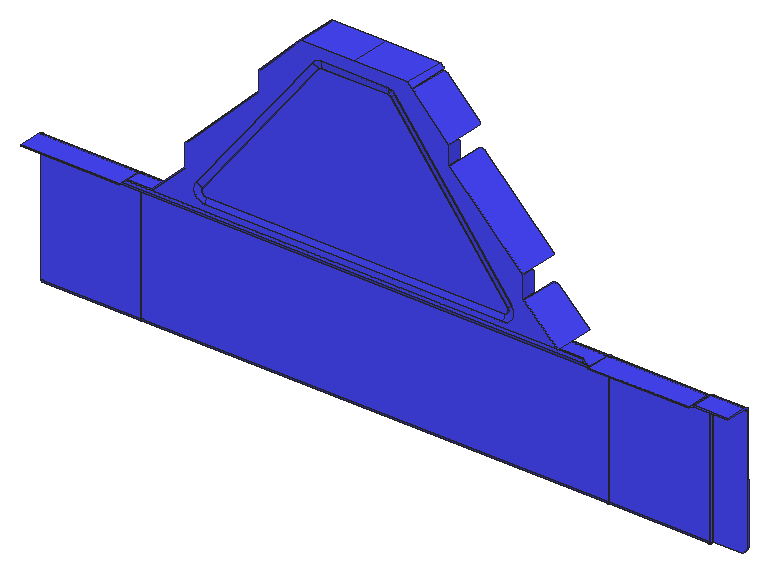
Revit family "軒先見切り付面戸(DL-42)", category 一般モデル, Revit 2021
Family settings
  鉄筋をホスト可能 = いいえ
  丸型コネクタ寸法 = 直径を使用
  パーツ タイプ = 標準
  作業面ベース = いいえ
  常に垂直 = はい
  ロード時にボイドで切り取り = いいえ
  共有 = いいえ
  部屋計算ポイント = いいえ
Parameters
  既定の高さ = 0 mm
Reference planes
  plane 1 "中心(正面/背面)": y = 0
  plane 2: z = 0
  plane 3 "中心(左/右)": x = 0
Forms (mm)
  Sweep 1, solid, material "ポシェ"
    path origin (0, 0, 0) x (1, 0, 0) y (0, 0, 1)
      loop
        line (174.482, 0) -> (-174.478, 0)
    profile origin (0.002, 0, 0) x (0, 0, -1) y (0, -1, 0)
      loop
        arc (0, 12.9) -> (-0.615, 14.385) -> (-2.1, 15) r 2.1
        line (-2.1, 15) -> (-4.788, 15) -> (-4.788, 14.194) -> (-2.1, 14.194)
        arc (-2.1, 14.194) -> (-1.19, 13.817) -> (-0.813, 12.907) r 1.287
        line (-0.813, 12.907) -> (-0.813, -3.005)
        arc (-0.813, -3.005) -> (-0.139, -4.633) -> (1.488, -5.307) r 2.301
        line (1.488, -5.307) -> (97.677, -5.307)
        arc (97.677, -5.307) -> (98.595, -5.687) -> (98.975, -6.605) r 1.299
        line (98.975, -6.605) -> (98.975, -7.8) -> (99.8, -7.8) -> (99.8, -6.605)
        arc (99.8, -6.605) -> (99.185, -5.12) -> (97.7, -4.505) r 2.1
        line (97.7, -4.505) -> (1.5, -4.505)
        arc (1.5, -4.505) -> (0.439, -4.066) -> (0, -3.005) r 1.5
        line (0, -3.005) -> (0, 12.9)
  Extrusion 2, void
    sketch origin (0, 0, 0) x (1, 0, 0) y (0, 0, 1)
      loop
        line (249.415, 4.788) -> (169.513, 4.788) -> (173.602, 0.813) -> (249.415, 0.813) -> (249.415, 4.788)
      loop
        line (-249.415, 4.788) -> (-249.415, 0.813) -> (-173.638, 0.813) -> (-169.513, 4.788) -> (-249.415, 4.788)
    from 12.9 to 36.008
  Extrusion 3, solid, material "ポシェ"
    sketch origin (0, 0, 0) x (1, 0, 0) y (0, 0, 1)
      loop
        line (151.536, 4.788) -> (125.81, 29.201) -> (125.81, 45.523) -> (70.864, 99.519) -> (70.864, 113.077) -> (40.462, 144.06) -> (0, 144.06) -> (-40.462, 144.06) -> (-70.864, 113.077) -> (-70.864, 99.519) -> (-125.81, 45.523) -> (-125.81, 29.201) -> (-151.536, 4.788) -> (151.536, 4.788)
    from -15 to 15
  Extrusion 4, void
    sketch origin (0, 0, 0) x (1, 0, 0) y (0, 0, 1)
      loop
        line (150.664, 4.788) -> (125.21, 28.943) -> (125.21, 45.271) -> (70.264, 99.267) -> (70.264, 112.832) -> (40.21, 143.46) -> (0, 143.46) -> (-40.21, 143.46) -> (-70.264, 112.832) -> (-70.264, 99.267) -> (-125.21, 45.271) -> (-125.21, 28.943) -> (-150.664, 4.788) -> (150.664, 4.788)
    from -26.077 to 14.2
  Extrusion 5, void
    sketch origin (0, 0, 0) x (0, 1, 0) y (0, 0, 1)
      loop
        line (-14.2, 28.412) -> (13, 28.412)
        arc (13, 28.412) -> (14.414, 27.826) -> (15, 26.412) r 2
        line (15, 26.412) -> (15, 29.201) -> (-14.2, 29.201) -> (-14.2, 28.412)
    from -136.985 to 132.729
  Extrusion 6, void
    sketch origin (0, 0, 0) x (0, 1, 0) y (0, 0, 1)
      loop
        arc (-5, 30.201) -> (-5.293, 29.494) -> (-6, 29.201) r 1
        line (-6, 29.201) -> (15, 29.201) -> (15, 45.051) -> (15, 46.862)
        arc (15, 46.862) -> (14.707, 46.154) -> (14, 45.862) r 1
        line (14, 45.862) -> (-14.2, 45.862) -> (-14.2, 45.051) -> (-7, 45.051)
        arc (-7, 45.051) -> (-5.586, 44.465) -> (-5, 43.051) r 2
        line (-5, 43.051) -> (-5, 30.201)
    from -136.985 to 132.729
  Extrusion 7, void
    sketch origin (0, 0, 0) x (0, 1, 0) y (0, 0, 1)
      loop
        line (15, 99.519) -> (-14.2, 99.519) -> (-14.2, 98.723) -> (12.887, 98.723)
        arc (12.887, 98.723) -> (14.374, 98.179) -> (15, 96.726) r 2
        line (15, 96.726) -> (15, 99.519)
    from -78.096 to 75.621
  Extrusion 8, void
    sketch origin (0, 0, 0) x (0, 1, 0) y (0, 0, 1)
      loop
        line (-5, 110.605) -> (-5, 100.519)
        arc (-5, 100.519) -> (-5.293, 99.812) -> (-6, 99.519) r 1
        line (-6, 99.519) -> (15, 99.519) -> (15, 114.401)
        arc (15, 114.401) -> (14.707, 113.694) -> (14, 113.401) r 1
        line (14, 113.401) -> (-14.2, 113.401) -> (-14.2, 112.605) -> (-7, 112.605)
        arc (-7, 112.605) -> (-5.586, 112.019) -> (-5, 110.605) r 2
    from -78.096 to 73.377
  Extrusion 9, void
    sketch origin (0, 0, 0) x (0, 1, 0) y (0, 0, 1)
      loop
        line (15, 138.313) -> (15, 142.156)
        arc (15, 142.156) -> (14.707, 141.449) -> (14, 141.156) r 1
        line (14, 141.156) -> (-14.2, 141.156) -> (-14.2, 140.313) -> (13, 140.313)
        arc (13, 140.313) -> (14.414, 139.727) -> (15, 138.313) r 2
    from -70.864 to 51.123
  Sweep 10, solid, material "ポシェ"
    path origin (0, 0, 0) x (1, 0, 0) y (0, 1, 0)
      loop
        line (249.415, 0) -> (174.482, 0)
    profile origin (211.949, 0, 0) x (0, -1, 0) y (0, 0, 1)
      loop
        line (15, 0.813) -> (-3.005, 0.813)
        arc (-3.005, 0.813) -> (-4.633, 0.139) -> (-5.307, -1.488) r 2.301
        line (-5.307, -1.488) -> (-5.307, -97.677)
        arc (-5.307, -97.677) -> (-5.687, -98.595) -> (-6.605, -98.975) r 1.299
        line (-6.605, -98.975) -> (-7.8, -98.975) -> (-7.8, -99.8) -> (-6.605, -99.8)
        arc (-6.605, -99.8) -> (-5.12, -99.185) -> (-4.505, -97.7) r 2.1
        line (-4.505, -97.7) -> (-4.505, -1.5)
        arc (-4.505, -1.5) -> (-4.066, -0.439) -> (-3.005, 0) r 1.5
        line (-3.005, 0) -> (15, 0) -> (15, 0.813)
  Sweep 11, solid, material "ポシェ"
    path origin (0, 0, 0) x (1, 0, 0) y (0, 1, 0)
      loop
        line (251.415, -15) -> (276.915, -15)
    profile origin (264.165, -15, 0) x (0, 1, 0) y (0, 0, 1)
      loop
        arc (18.005, 0.813) -> (19.633, 0.139) -> (20.307, -1.488) r 2.301
        line (20.307, -1.488) -> (20.307, -97.277) -> (21.1, -97.277) -> (21.1, -1.49)
        arc (21.1, -1.49) -> (20.194, 0.699) -> (18.005, 1.605) r 3.095
        line (18.005, 1.605) -> (2.093, 1.605) -> (2.093, 0.813) -> (18.005, 0.813)
  SweptBlend 12, solid, material "ポシェ"
    path origin (0, 0, 0) x (1, 0, 0) y (0, 1, 0)
      loop
        line (249.415, -15) -> (251.415, -15)
    profile origin (249.415, -15, 0) x (0, 1, 0) y (0, 0, 1)
      loop
        line (0, 0) -> (18.005, 0)
        arc (18.005, 0) -> (19.066, -0.439) -> (19.505, -1.5) r 1.5
        line (19.505, -1.5) -> (19.505, -97.7) -> (20.307, -97.7) -> (20.307, -1.488)
        arc (20.307, -1.488) -> (19.633, 0.139) -> (18.005, 0.813) r 2.301
        line (18.005, 0.813) -> (0, 0.813) -> (0, 0)
    end profile origin (251.415, -15, 0) x (0, 1, 0) y (0, 0, 1)
      loop
        line (2.093, 1.605) -> (2.093, 0.813) -> (18.005, 0.813)
        arc (18.005, 0.813) -> (19.633, 0.139) -> (20.307, -1.488) r 2.301
        line (20.307, -1.488) -> (20.307, -97.277) -> (21.1, -97.277) -> (21.1, -1.49)
        arc (21.1, -1.49) -> (20.194, 0.699) -> (18.005, 1.605) r 3.095
        line (18.005, 1.605) -> (2.093, 1.605)
  Sweep 13, solid, material "ポシェ"
    path origin (-423.893, 0, 0) x (1, 0, 0) y (0, 1, 0)
      loop
        line (249.415, 0) -> (175.282, 0)
    profile origin (-211.545, 0, 0) x (0, -1, 0) y (0, 0, 1)
      loop
        line (15, 0.813) -> (-3.005, 0.813)
        arc (-3.005, 0.813) -> (-4.633, 0.139) -> (-5.307, -1.488) r 2.301
        line (-5.307, -1.488) -> (-5.308, -97.677)
        arc (-5.308, -97.677) -> (-5.688, -98.595) -> (-6.607, -98.975) r 1.299
        line (-6.607, -98.975) -> (-7.8, -98.975) -> (-7.8, -99.8) -> (-6.607, -99.8)
        arc (-6.607, -99.8) -> (-5.122, -99.185) -> (-4.505, -97.7) r 2.1
        line (-4.505, -97.7) -> (-4.505, -1.5)
        arc (-4.505, -1.5) -> (-4.066, -0.439) -> (-3.005, 0) r 1.5
        line (-3.005, 0) -> (15, 0) -> (15, 0.813)
  Extrusion 14, void
    sketch origin (0, 0, 0) x (1, 0, 0) y (0, 0, 1)
      loop
        line (272.417, -97.277) -> (276.915, -97.277) -> (276.915, -92.739)
        arc (276.915, -92.739) -> (275.486, -95.82) -> (272.417, -97.277) r 5
    from -7 to -4.2
  Extrusion 15, void
    sketch origin (-0.001, 0, 0) x (1, 0, 0) y (0, 0, 1)
      loop
        arc (-25.057, 135.06) -> (-28.115, 134.357) -> (-30.559, 132.388) r 7
        line (-30.559, 132.388) -> (-118.716, 20.328)
        arc (-118.716, 20.328) -> (-119.511, 12.942) -> (-113.214, 9) r 7
        line (-113.214, 9) -> (113.31, 9)
        arc (113.31, 9) -> (119.607, 12.944) -> (118.809, 20.331) r 7
        line (118.809, 20.331) -> (30.559, 132.391)
        arc (30.559, 132.391) -> (28.116, 134.358) -> (25.059, 135.06) r 7
        line (25.059, 135.06) -> (-25.057, 135.06)
    from 14.2 to 15
  Sweep 16, solid, material "ポシェ"
    path origin (0, 0, 0) x (1, 0, 0) y (0, 0, 1)
      loop
        line (-111.155, 14) -> (111.249, 14)
    profile origin (0.047, 0, 14) x (0, 0, 1) y (0, -1, 0)
      loop
        line (0, 13.2) -> (0, 14) -> (-5, 15) -> (-5, 14.2) -> (0, 13.2)
  Sweep 17, solid, material "ポシェ"
    path origin (0, 0, 0) x (1, 0, 0) y (0, 0, 1)
      loop
        line (-27.548, 128.129) -> (-113.513, 18.855)
    profile origin (-70.53, 0, 73.492) x (0.785944, 0, -0.618298) y (0, -1, 0)
      loop
        line (-5, 15) -> (-5, 14.2) -> (0, 13.2) -> (0, 14) -> (-5, 15)
  Extrusion 18, solid, material "ポシェ"
    sketch origin (0, 1, 0) x (1, 0, 0) y (0, 0, 1)
      loop
        arc (-24.571, 130.06) -> (-25.882, 129.759) -> (-26.929, 128.915) r 3
        line (-26.929, 128.915) -> (-113.513, 18.855)
        arc (-113.513, 18.855) -> (-113.854, 15.689) -> (-111.155, 14) r 3
        line (-111.155, 14) -> (111.249, 14)
        arc (111.249, 14) -> (113.948, 15.69) -> (113.606, 18.856) r 3
        line (113.606, 18.856) -> (26.931, 128.916)
        arc (26.931, 128.916) -> (25.884, 129.759) -> (24.574, 130.06) r 3
        line (24.574, 130.06) -> (-24.571, 130.06)
    from 14.2 to 15
  Extrusion 19, solid, material "ポシェ"
    sketch origin (0, 0, 0) x (1, 0, 0) y (0, 0, 1)
      loop
        line (-113.513, 18.855) -> (-117.443, 21.947) -> (-118.717, 20.328)
        arc (-118.717, 20.328) -> (-119.512, 12.942) -> (-113.215, 9) r 7
        line (-113.215, 9) -> (-111.155, 9) -> (-111.155, 14)
        arc (-111.155, 14) -> (-113.854, 15.689) -> (-113.513, 18.855) r 3
    from 10 to 18
  Sweep 20, void
    path origin (0, 0, 0) x (1, 0, 0) y (0, 0, 1)
      loop
        arc (-111.155, 14) -> (-113.854, 15.689) -> (-113.513, 18.855) r 3
    profile origin (-113.854, 0, 15.689) x (-0.899527, 0, -0.436865) y (0, -1, 0)
      loop
        line (0, 14) -> (5, 15) -> (9.212, 15) -> (9.212, 20.708) -> (0, 20.708) -> (0, 14)
  Sweep 21, solid, material "ポシェ"
    path origin (0, 0, 0) x (1, 0, 0) y (0, 0, 1)
      loop
        line (113.606, 18.856) -> (27.549, 128.131)
    profile origin (70.578, 0, 73.493) x (-0.785626, 0, -0.618702) y (0, -1, 0)
      loop
        line (-5, 15) -> (-5, 14.2) -> (0, 13.2) -> (0, 14) -> (-5, 15)
  Extrusion 22, solid, material "ポシェ"
    sketch origin (0, 0, 0) x (1, 0, 0) y (0, 0, 1)
      loop
        line (111.249, 14) -> (111.249, 9) -> (113.309, 9)
        arc (113.309, 9) -> (119.606, 12.944) -> (118.808, 20.331) r 7
        line (118.808, 20.331) -> (117.534, 21.949) -> (113.606, 18.856)
        arc (113.606, 18.856) -> (113.948, 15.69) -> (111.249, 14) r 3
    from 10 to 18
  Sweep 23, void
    path origin (0, 0, 0) x (1, 0, 0) y (0, 0, 1)
      loop
        arc (113.606, 18.856) -> (113.948, 15.69) -> (111.249, 14) r 3
    profile origin (113.948, 0, 15.69) x (0.899639, 0, -0.436634) y (0, -1, 0)
      loop
        line (0, 14) -> (5, 15) -> (8.578, 15) -> (8.578, 20) -> (0, 20) -> (0, 14)
  Sweep 24, void
    path origin (0, 0, 0) x (1, 0, 0) y (0, 0, 1)
      loop
        arc (113.606, 18.856) -> (113.948, 15.69) -> (111.249, 14) r 3
    profile origin (113.948, 0, 15.69) x (0.899639, 0, -0.436634) y (0, -1, 0)
      loop
        line (5, 14.2) -> (0, 13.2) -> (0, 7.296) -> (9.212, 7.296) -> (9.212, 14.2) -> (5, 14.2)
  Sweep 25, void
    path origin (0, 0, 0) x (1, 0, 0) y (0, 0, 1)
      loop
        arc (-111.155, 14) -> (-113.854, 15.689) -> (-113.513, 18.855) r 3
    profile origin (-113.854, 0, 15.689) x (-0.899527, 0, -0.436865) y (0, -1, 0)
      loop
        line (5, 14.2) -> (0, 13.2) -> (0, 2.212) -> (10, 2.212) -> (10, 14.2) -> (5, 14.2)
  Extrusion 26, solid, material "ポシェ"
    sketch origin (0, 0, 0) x (1, 0, 0) y (0, 0, 1)
      loop
        arc (30.558, 132.391) -> (28.115, 134.358) -> (25.058, 135.06) r 7
        line (25.058, 135.06) -> (23.574, 135.06) -> (23.574, 130.06) -> (24.574, 130.06)
        arc (24.574, 130.06) -> (25.884, 129.759) -> (26.931, 128.916) r 3
        line (26.931, 128.916) -> (27.549, 128.131) -> (31.477, 131.224) -> (30.558, 132.391)
    from 10 to 18
  Sweep 27, void
    path origin (0, 0, 0) x (1, 0, 0) y (0, 0, 1)
      loop
        line (31.477, 131.224) -> (30.558, 132.391)
        arc (30.558, 132.391) -> (28.115, 134.358) -> (25.058, 135.06) r 7
        line (25.058, 135.06) -> (23.574, 135.06)
    profile origin (24.316, 0, 135.06) x (0, 0, -1) y (0, -1, 0)
      loop
        line (0, 15) -> (5, 14) -> (6.733, 14) -> (6.733, 21.844) -> (0, 21.844) -> (0, 15)
  Sweep 28, void
    path origin (0, 0, 0) x (1, 0, 0) y (0, 0, 1)
      loop
        line (31.477, 131.224) -> (30.558, 132.391)
        arc (30.558, 132.391) -> (28.115, 134.358) -> (25.058, 135.06) r 7
        line (25.058, 135.06) -> (23.574, 135.06)
    profile origin (24.316, 0, 135.06) x (0, 0, -1) y (0, -1, 0)
      loop
        line (0, 14.2) -> (0, 7.773) -> (6.267, 7.773) -> (6.267, 13.2) -> (5, 13.2) -> (0, 14.2)
  Extrusion 29, solid, material "ポシェ"
    sketch origin (0, 0, 0) x (1, 0, 0) y (0, 0, 1)
      loop
        arc (-25.058, 135.06) -> (-28.116, 134.357) -> (-30.56, 132.388) r 7
        line (-30.56, 132.388) -> (-31.478, 131.221) -> (-27.548, 128.129) -> (-26.929, 128.915)
        arc (-26.929, 128.915) -> (-25.882, 129.759) -> (-24.571, 130.06) r 3
        line (-24.571, 130.06) -> (-23.571, 130.06) -> (-23.571, 135.06) -> (-25.058, 135.06)
    from 10 to 18
  Sweep 30, void
    path origin (0, 0, 0) x (1, 0, 0) y (0, 0, 1)
      loop
        line (-23.571, 135.06) -> (-25.058, 135.06)
        arc (-25.058, 135.06) -> (-28.116, 134.357) -> (-30.56, 132.388) r 7
        line (-30.56, 132.388) -> (-31.478, 131.221)
    profile origin (-24.315, 0, 135.06) x (0, 0, -1) y (0, -1, 0)
      loop
        line (0, 15) -> (5, 14) -> (6, 14) -> (6, 20.917) -> (0, 20.917) -> (0, 15)
  Sweep 31, void
    path origin (0, 0, 0) x (1, 0, 0) y (0, 0, 1)
      loop
        line (-23.571, 135.06) -> (-25.058, 135.06)
        arc (-25.058, 135.06) -> (-28.116, 134.357) -> (-30.56, 132.388) r 7
        line (-30.56, 132.388) -> (-31.478, 131.221)
    profile origin (-24.315, 0, 135.06) x (0, 0, -1) y (0, -1, 0)
      loop
        line (0, 9.32) -> (6, 9.32) -> (6, 13.2) -> (5, 13.2) -> (0, 14.2) -> (0, 9.32)
  Sweep 32, solid, material "ポシェ"
    path origin (0, 0, 0) x (1, 0, 0) y (0, 0, 1)
      loop
        line (23.574, 130.06) -> (-23.571, 130.06)
    profile origin (0.001, 0, 130.06) x (0, 0, -1) y (0, -1, 0)
      loop
        line (-5, 15) -> (-5, 14.2) -> (0, 13.2) -> (0, 14) -> (-5, 15)
Cuts and joins
  Extrusion 2, Extrusion 4, Sweep 25 cuts Sweep 1
  Extrusion 2 cuts Sweep 10
  Extrusion 14 cuts Sweep 11
  Extrusion 4, Extrusion 5, Extrusion 6, Extrusion 7, Extrusion 8, Extrusion 9, Extrusion 15, Sweep 20, Sweep 23, Sweep 24, Sweep 25 cuts Extrusion 3
  Sweep 20, Sweep 23, Sweep 24, Sweep 25 cuts Sweep 16
  Sweep 20, Sweep 24, Sweep 25 cuts Extrusion 19
  Sweep 23, Sweep 24, Sweep 25 cuts Extrusion 22
  joined: Extrusion 3, Sweep 16, Extrusion 19, Extrusion 22
  Sweep 30 cuts Sweep 17
  Sweep 27, Sweep 28 cuts Extrusion 26
  Sweep 30, Sweep 31 cuts Extrusion 29
  joined: Sweep 17, Sweep 21, Extrusion 26, Extrusion 29, Sweep 32
Dimensions and locks
  aligned and locked: level to plane 2
